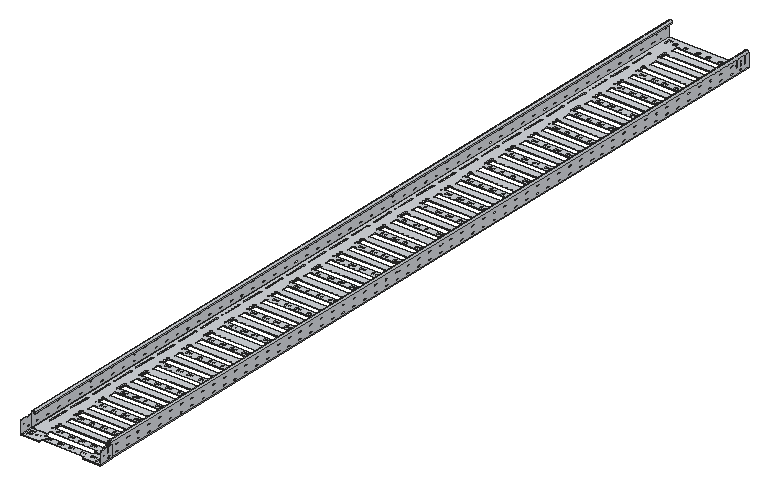
Revit family "MKSM Magic Kabelrinne 1 mm- MKSM 630 FT,FS", category Generic Models, Revit 2017 (continued)
Dimensions and locks
  Extrusion 349 sketch curve to plane 352 = 12.71 mm
  plane 352 to Extrusion 349 sketch curve = 12.71 mm
  plane 356 to Extrusion 350 sketch curve = 3.5 mm
  Extrusion 350 sketch curve to plane 356 = 3.483 mm
  Extrusion 350 sketch curve to plane 355 = 18.5 mm  (x2)
  plane 355 to Extrusion 350 sketch curve = 18.5 mm  (x2)
  Extrusion 350 sketch curve to plane 357 = 3.5 mm
  plane 357 to Extrusion 350 sketch curve = 3.5 mm
  Extrusion 350 sketch curve to plane 355 = 12.71 mm
  plane 355 to Extrusion 350 sketch curve = 12.71 mm
  plane 359 to Extrusion 351 sketch curve = 3.5 mm
  Extrusion 351 sketch curve to plane 359 = 3.483 mm
  Extrusion 351 sketch curve to plane 358 = 18.5 mm  (x2)
  plane 358 to Extrusion 351 sketch curve = 18.5 mm  (x2)
  Extrusion 351 sketch curve to plane 360 = 3.5 mm
  plane 360 to Extrusion 351 sketch curve = 3.5 mm
  Extrusion 351 sketch curve to plane 358 = 12.71 mm
  plane 358 to Extrusion 351 sketch curve = 12.71 mm
  plane 362 to Extrusion 352 sketch curve = 3.5 mm
  Extrusion 352 sketch curve to plane 362 = 3.483 mm
  Extrusion 352 sketch curve to plane 361 = 18.5 mm  (x2)
  plane 361 to Extrusion 352 sketch curve = 18.5 mm  (x2)
  Extrusion 352 sketch curve to plane 363 = 3.5 mm
  plane 363 to Extrusion 352 sketch curve = 3.5 mm
  Extrusion 352 sketch curve to plane 361 = 12.71 mm
  plane 361 to Extrusion 352 sketch curve = 12.71 mm
  plane 365 to Extrusion 353 sketch curve = 3.5 mm
  Extrusion 353 sketch curve to plane 365 = 3.483 mm
  Extrusion 353 sketch curve to plane 364 = 18.5 mm  (x2)
  plane 364 to Extrusion 353 sketch curve = 18.5 mm  (x2)
  Extrusion 353 sketch curve to plane 366 = 3.5 mm
  plane 366 to Extrusion 353 sketch curve = 3.5 mm
  Extrusion 353 sketch curve to plane 364 = 12.71 mm
  plane 364 to Extrusion 353 sketch curve = 12.71 mm
  plane 368 to Extrusion 354 sketch curve = 3.5 mm
  Extrusion 354 sketch curve to plane 368 = 3.483 mm
  Extrusion 354 sketch curve to plane 367 = 18.5 mm  (x2)
  plane 367 to Extrusion 354 sketch curve = 18.5 mm  (x2)
  Extrusion 354 sketch curve to plane 369 = 3.5 mm
  plane 369 to Extrusion 354 sketch curve = 3.5 mm
  Extrusion 354 sketch curve to plane 367 = 12.71 mm
  plane 367 to Extrusion 354 sketch curve = 12.71 mm
  plane 371 to Extrusion 355 sketch curve = 3.5 mm
  Extrusion 355 sketch curve to plane 371 = 3.483 mm
  Extrusion 355 sketch curve to plane 370 = 18.5 mm  (x2)
  plane 370 to Extrusion 355 sketch curve = 18.5 mm  (x2)
  Extrusion 355 sketch curve to plane 372 = 3.5 mm
  plane 372 to Extrusion 355 sketch curve = 3.5 mm
  Extrusion 355 sketch curve to plane 370 = 12.71 mm
  plane 370 to Extrusion 355 sketch curve = 12.71 mm
  plane 374 to Extrusion 356 sketch curve = 3.5 mm
  Extrusion 356 sketch curve to plane 374 = 3.483 mm
  Extrusion 356 sketch curve to plane 373 = 18.5 mm  (x2)
  plane 373 to Extrusion 356 sketch curve = 18.5 mm  (x2)
  Extrusion 356 sketch curve to plane 375 = 3.5 mm
  plane 375 to Extrusion 356 sketch curve = 3.5 mm
  Extrusion 356 sketch curve to plane 373 = 12.71 mm
  plane 373 to Extrusion 356 sketch curve = 12.71 mm
  plane 377 to Extrusion 357 sketch curve = 3.5 mm
  Extrusion 357 sketch curve to plane 377 = 3.483 mm
  Extrusion 357 sketch curve to plane 376 = 18.5 mm  (x2)
  plane 376 to Extrusion 357 sketch curve = 18.5 mm  (x2)
  Extrusion 357 sketch curve to plane 378 = 3.5 mm
  plane 378 to Extrusion 357 sketch curve = 3.5 mm
  Extrusion 357 sketch curve to plane 376 = 12.71 mm
  plane 376 to Extrusion 357 sketch curve = 12.71 mm
  plane 380 to Extrusion 358 sketch curve = 3.5 mm
  Extrusion 358 sketch curve to plane 380 = 3.483 mm
  Extrusion 358 sketch curve to plane 379 = 18.5 mm  (x2)
  plane 379 to Extrusion 358 sketch curve = 18.5 mm  (x2)
  Extrusion 358 sketch curve to plane 381 = 3.5 mm
  plane 381 to Extrusion 358 sketch curve = 3.5 mm
  Extrusion 358 sketch curve to plane 379 = 12.71 mm
  plane 379 to Extrusion 358 sketch curve = 12.71 mm
  plane 383 to Extrusion 359 sketch curve = 3.5 mm
  Extrusion 359 sketch curve to plane 383 = 3.483 mm
  Extrusion 359 sketch curve to plane 382 = 18.5 mm  (x2)
  plane 382 to Extrusion 359 sketch curve = 18.5 mm  (x2)
  Extrusion 359 sketch curve to plane 384 = 3.5 mm
  plane 384 to Extrusion 359 sketch curve = 3.5 mm
  Extrusion 359 sketch curve to plane 382 = 12.71 mm
  plane 382 to Extrusion 359 sketch curve = 12.71 mm
  plane 386 to Extrusion 360 sketch curve = 3.5 mm
  Extrusion 360 sketch curve to plane 386 = 3.483 mm
  Extrusion 360 sketch curve to plane 385 = 18.5 mm  (x2)
  plane 385 to Extrusion 360 sketch curve = 18.5 mm  (x2)
  Extrusion 360 sketch curve to plane 387 = 3.5 mm
  plane 387 to Extrusion 360 sketch curve = 3.5 mm
  Extrusion 360 sketch curve to plane 385 = 12.71 mm
  plane 385 to Extrusion 360 sketch curve = 12.71 mm
  plane 389 to Extrusion 361 sketch curve = 3.5 mm
  Extrusion 361 sketch curve to plane 389 = 3.483 mm
  Extrusion 361 sketch curve to plane 388 = 18.5 mm  (x2)
  plane 388 to Extrusion 361 sketch curve = 18.5 mm  (x2)
  Extrusion 361 sketch curve to plane 390 = 3.5 mm
  plane 390 to Extrusion 361 sketch curve = 3.5 mm
  Extrusion 361 sketch curve to plane 388 = 12.71 mm
  plane 388 to Extrusion 361 sketch curve = 12.71 mm
  plane 392 to Extrusion 362 sketch curve = 3.5 mm
  Extrusion 362 sketch curve to plane 392 = 3.483 mm
  Extrusion 362 sketch curve to plane 391 = 18.5 mm  (x2)
  plane 391 to Extrusion 362 sketch curve = 18.5 mm  (x2)
  Extrusion 362 sketch curve to plane 393 = 3.5 mm
  plane 393 to Extrusion 362 sketch curve = 3.5 mm
  Extrusion 362 sketch curve to plane 391 = 12.71 mm
  plane 391 to Extrusion 362 sketch curve = 12.71 mm
  plane 395 to Extrusion 363 sketch curve = 3.5 mm
  Extrusion 363 sketch curve to plane 395 = 3.483 mm
  Extrusion 363 sketch curve to plane 394 = 18.5 mm  (x2)
  plane 394 to Extrusion 363 sketch curve = 18.5 mm  (x2)
  Extrusion 363 sketch curve to plane 396 = 3.5 mm
  plane 396 to Extrusion 363 sketch curve = 3.5 mm
  Extrusion 363 sketch curve to plane 394 = 12.71 mm
  plane 394 to Extrusion 363 sketch curve = 12.71 mm
  plane 398 to Extrusion 364 sketch curve = 3.5 mm
  Extrusion 364 sketch curve to plane 398 = 3.483 mm
  Extrusion 364 sketch curve to plane 397 = 18.5 mm  (x2)
  plane 397 to Extrusion 364 sketch curve = 18.5 mm  (x2)
  Extrusion 364 sketch curve to plane 399 = 3.5 mm
  plane 399 to Extrusion 364 sketch curve = 3.5 mm
  Extrusion 364 sketch curve to plane 397 = 12.71 mm
  plane 397 to Extrusion 364 sketch curve = 12.71 mm
  plane 401 to Extrusion 365 sketch curve = 3.5 mm
  Extrusion 365 sketch curve to plane 401 = 3.483 mm
  Extrusion 365 sketch curve to plane 400 = 18.5 mm  (x2)
  plane 400 to Extrusion 365 sketch curve = 18.5 mm  (x2)
  Extrusion 365 sketch curve to plane 402 = 3.5 mm
  plane 402 to Extrusion 365 sketch curve = 3.5 mm
  Extrusion 365 sketch curve to plane 400 = 12.71 mm
  plane 400 to Extrusion 365 sketch curve = 12.71 mm
  plane 404 to Extrusion 366 sketch curve = 3.5 mm
  Extrusion 366 sketch curve to plane 404 = 3.483 mm
  Extrusion 366 sketch curve to plane 403 = 18.5 mm  (x2)
  plane 403 to Extrusion 366 sketch curve = 18.5 mm  (x2)
  Extrusion 366 sketch curve to plane 405 = 3.5 mm
  plane 405 to Extrusion 366 sketch curve = 3.5 mm
  Extrusion 366 sketch curve to plane 403 = 12.71 mm
  plane 403 to Extrusion 366 sketch curve = 12.71 mm
  plane 407 to Extrusion 367 sketch curve = 3.5 mm
  Extrusion 367 sketch curve to plane 407 = 3.483 mm
  Extrusion 367 sketch curve to plane 406 = 18.5 mm  (x2)
  plane 406 to Extrusion 367 sketch curve = 18.5 mm  (x2)
  Extrusion 367 sketch curve to plane 408 = 3.5 mm
  plane 408 to Extrusion 367 sketch curve = 3.5 mm
  Extrusion 367 sketch curve to plane 406 = 12.71 mm
  plane 406 to Extrusion 367 sketch curve = 12.71 mm
  plane 410 to Extrusion 368 sketch curve = 3.5 mm
  Extrusion 368 sketch curve to plane 410 = 3.483 mm
  Extrusion 368 sketch curve to plane 409 = 18.5 mm  (x2)
  plane 409 to Extrusion 368 sketch curve = 18.5 mm  (x2)
  Extrusion 368 sketch curve to plane 411 = 3.5 mm
  plane 411 to Extrusion 368 sketch curve = 3.5 mm
  Extrusion 368 sketch curve to plane 409 = 12.71 mm
  plane 409 to Extrusion 368 sketch curve = 12.71 mm
  plane 413 to Extrusion 369 sketch curve = 3.5 mm
  Extrusion 369 sketch curve to plane 413 = 3.483 mm
  Extrusion 369 sketch curve to plane 412 = 18.5 mm  (x2)
  plane 412 to Extrusion 369 sketch curve = 18.5 mm  (x2)
  Extrusion 369 sketch curve to plane 414 = 3.5 mm
  plane 414 to Extrusion 369 sketch curve = 3.5 mm
  Extrusion 369 sketch curve to plane 412 = 12.71 mm
  plane 412 to Extrusion 369 sketch curve = 12.71 mm
  plane 416 to Extrusion 370 sketch curve = 3.5 mm
  Extrusion 370 sketch curve to plane 416 = 3.483 mm
  Extrusion 370 sketch curve to plane 415 = 18.5 mm  (x2)
  plane 415 to Extrusion 370 sketch curve = 18.5 mm  (x2)
  Extrusion 370 sketch curve to plane 417 = 3.5 mm
  plane 417 to Extrusion 370 sketch curve = 3.5 mm
  Extrusion 370 sketch curve to plane 415 = 12.71 mm
  plane 415 to Extrusion 370 sketch curve = 12.71 mm
  plane 419 to Extrusion 371 sketch curve = 3.5 mm
  Extrusion 371 sketch curve to plane 419 = 3.483 mm
  Extrusion 371 sketch curve to plane 418 = 18.5 mm  (x2)
  plane 418 to Extrusion 371 sketch curve = 18.5 mm  (x2)
  Extrusion 371 sketch curve to plane 420 = 3.5 mm
  plane 420 to Extrusion 371 sketch curve = 3.5 mm
  Extrusion 371 sketch curve to plane 418 = 12.71 mm
  plane 418 to Extrusion 371 sketch curve = 12.71 mm
  plane 422 to Extrusion 372 sketch curve = 3.5 mm
  Extrusion 372 sketch curve to plane 422 = 3.483 mm
  Extrusion 372 sketch curve to plane 421 = 18.5 mm  (x2)
  plane 421 to Extrusion 372 sketch curve = 18.5 mm  (x2)
  Extrusion 372 sketch curve to plane 423 = 3.5 mm
  plane 423 to Extrusion 372 sketch curve = 3.5 mm
  Extrusion 372 sketch curve to plane 421 = 12.71 mm
  plane 421 to Extrusion 372 sketch curve = 12.71 mm
  plane 425 to Extrusion 373 sketch curve = 3.5 mm
  Extrusion 373 sketch curve to plane 425 = 3.483 mm
  Extrusion 373 sketch curve to plane 424 = 18.5 mm  (x2)
  plane 424 to Extrusion 373 sketch curve = 18.5 mm  (x2)
  Extrusion 373 sketch curve to plane 426 = 3.5 mm
  plane 426 to Extrusion 373 sketch curve = 3.5 mm
  Extrusion 373 sketch curve to plane 424 = 12.71 mm
  plane 424 to Extrusion 373 sketch curve = 12.71 mm
  plane 428 to Extrusion 374 sketch curve = 3.5 mm
  Extrusion 374 sketch curve to plane 428 = 3.483 mm
  Extrusion 374 sketch curve to plane 427 = 18.5 mm  (x2)
  plane 427 to Extrusion 374 sketch curve = 18.5 mm  (x2)
  Extrusion 374 sketch curve to plane 429 = 3.5 mm
  plane 429 to Extrusion 374 sketch curve = 3.5 mm
  Extrusion 374 sketch curve to plane 427 = 12.71 mm
  plane 427 to Extrusion 374 sketch curve = 12.71 mm
  equal spacing: group 289, group 347, group 348, group 349, group 350, group 351, group 352, group 353, group 354, group 355, group 356, group 357, group 358, group 359, group 360, group 361, group 362, group 363, group 364, group 365, group 366, group 367, group 368, group 369, group 370, group 371, group 372, group 373  (x3)
  locked: plane 431 to cut or joined group 1 (Extrusion 2, Extrusion 7, Extrusion 245, Extrusion 246, Extrusion 247, Extrusion 248, Extrusion 287, Extrusion 288, Extrusion 402, Extrusion 403, Extrusion 404, Extrusion 405, Extrusion 406, Extrusion 407, Extrusion 408, Extrusion 409) at 29.6
  locked: cut or joined group 1 to plane 432 at 15
  Extrusion 403 sketch curve to plane 433 = 5 mm
  plane 433 to Extrusion 403 sketch curve = 5 mm
  plane 434 to Extrusion 403 sketch curve = 2 mm
  plane 434 to Extrusion 403 sketch curve = 1.964 mm
  cut or joined group 1 to plane 435 = 28 mm
  locked: cut or joined group 1 to plane 436 at 19.25
  cut or joined group 1 to plane 437 = 30 mm
  locked: Extrusion 404 sketch curve to cut or joined group 1 at 22.25
  Extrusion 404 sketch curve to plane 438 = 2.5 mm
  plane 438 to Extrusion 404 sketch curve = 2.5 mm
  Extrusion 405 sketch curve to cut or joined group 1 = 2.978 mm
  Extrusion 406 sketch curve to Extrusion 406 sketch curve = 4 mm
  Extrusion 406 sketch curve to plane 433 = 5 mm
  plane 433 to Extrusion 406 sketch curve = 5 mm
  cut or joined group 1 to Extrusion 407 sketch curve = 19.25 mm
  Extrusion 407 sketch curve to cut or joined group 1 = 28 mm
  locked: Extrusion 407 sketch curve to plane 441 at 17
  plane 442 to cut or joined group 1 = 15 mm
  cut or joined group 1 to Extrusion 408 sketch curve = 19.25 mm
  plane 437 to cut or joined group 1 = 30 mm
  Extrusion 409 sketch curve to Extrusion 409 sketch curve = 5 mm
  angle plane 91 to Extrusion 255 sketch curve = 60.00°
  angle Extrusion 255 sketch curve to plane 91 = 60.00°
  angle Extrusion 402 sketch curve to plane 16 = 20.00°
  angle plane 437 to Extrusion 404 sketch curve = 20.00°
  angle Extrusion 404 sketch curve to plane 440 = 20.00°
  angle cut or joined group 1 to Extrusion 405 sketch curve = 20.00°
  aligned and locked: level to plane 2
  aligned and locked: plane 4 to Extrusion 1 sketch curve
  aligned and locked: plane 6 to Extrusion 1 sketch curve
  aligned and locked: Extrusion 1 to level
  aligned and locked: level to Extrusion 2
  aligned and locked: Extrusion 1 to plane 15
  aligned and locked: Extrusion 2 to plane 1 "Center (Front/Back)"
  aligned and locked: Extrusion 2 to plane 16
  aligned and locked: Extrusion 1 to Extrusion 3  (x2)
  aligned and locked: Extrusion 1 to Extrusion 4  (x2)
  aligned and locked: Extrusion 1 to Extrusion 6  (x2)
  aligned and locked: Extrusion 1 to Extrusion 5  (x2)
  aligned and locked: Extrusion 7 to Extrusion 2
  aligned and locked: Extrusion 1 to Extrusion 8  (x2)
  aligned and locked: Extrusion 1 to Extrusion 9  (x2)
  aligned and locked: Extrusion 1 to Extrusion 10  (x2)
  aligned and locked: Extrusion 1 to Extrusion 11  (x2)
  aligned and locked: Extrusion 1 to Extrusion 12  (x2)
  aligned and locked: Extrusion 1 to Extrusion 13  (x2)
  aligned and locked: Extrusion 1 to Extrusion 14  (x2)
  aligned and locked: cut or joined group of Extrusion 1, Extrusion 3, Extrusion 4, Extrusion 5, Extrusion 6, Extrusion 7, Extrusion 8, Extrusion 9, Extrusion 10, Extrusion 11, Extrusion 12, Extrusion 13, Extrusion 14, Extrusion 15, Extrusion 16, Extrusion 17, Extrusion 18, Extrusion 19, Extrusion 20, Extrusion 21, Extrusion 22, Extrusion 23, Extrusion 24, Extrusion 25, Extrusion 26, Extrusion 27, Extrusion 28, Extrusion 29, Extrusion 30, Extrusion 31, Extrusion 32, Extrusion 33, Extrusion 34, Extrusion 35, Extrusion 36, Extrusion 37, Extrusion 38, Extrusion 39, Extrusion 40, Extrusion 41, Extrusion 42, Extrusion 43, Extrusion 44, Extrusion 45, Extrusion 46, Extrusion 47, Extrusion 48, Extrusion 49, Extrusion 50, Extrusion 51, Extrusion 52, Extrusion 53, Extrusion 54, Extrusion 55, Extrusion 56, Extrusion 57, Extrusion 58, Extrusion 59, Extrusion 60, Extrusion 61, Extrusion 62, Extrusion 63, Extrusion 64, Extrusion 65, Extrusion 66, Extrusion 67, Extrusion 68, Extrusion 69, Extrusion 70, Extrusion 71, Extrusion 72, Extrusion 73, Extrusion 74, Extrusion 75, Extrusion 76, Extrusion 77, Extrusion 78, Extrusion 79, Extrusion 80, Extrusion 81, Extrusion 82, Extrusion 83, Extrusion 84, Extrusion 85, Extrusion 86, Extrusion 87, Extrusion 88, Extrusion 89, Extrusion 90, Extrusion 91, Extrusion 92, Extrusion 93, Extrusion 94, Extrusion 95, Extrusion 96, Extrusion 97, Extrusion 98, Extrusion 99, Extrusion 100, Extrusion 101, Extrusion 102, Extrusion 103, Extrusion 104, Extrusion 105, Extrusion 106, Extrusion 107, Extrusion 108, Extrusion 109, Extrusion 110, Extrusion 111, Extrusion 112, Extrusion 113, Extrusion 114, Extrusion 115, Extrusion 116, Extrusion 117, Extrusion 118, Extrusion 119, Extrusion 120, Extrusion 121, Extrusion 122, Extrusion 123, Extrusion 124, Extrusion 125, Extrusion 126, Extrusion 127, Extrusion 128, Extrusion 129, Extrusion 130, Extrusion 131, Extrusion 132, Extrusion 133, Extrusion 134, Extrusion 135, Extrusion 136, Extrusion 137, Extrusion 138, Extrusion 139, Extrusion 140, Extrusion 141, Extrusion 142, Extrusion 143, Extrusion 144, Extrusion 145, Extrusion 146, Extrusion 147, Extrusion 148, Extrusion 149, Extrusion 150, Extrusion 151, Extrusion 152, Extrusion 153, Extrusion 154, Extrusion 155, Extrusion 156, Extrusion 157, Extrusion 158, Extrusion 159, Extrusion 160, Extrusion 161, Extrusion 162, Extrusion 163, Extrusion 164, Extrusion 165, Extrusion 166, Extrusion 167, Extrusion 168, Extrusion 169, Extrusion 170, Extrusion 171, Extrusion 172, Extrusion 173, Extrusion 174, Extrusion 175, Extrusion 176, Extrusion 177, Extrusion 178, Extrusion 179, Extrusion 180, Extrusion 181, Extrusion 182, Extrusion 183, Extrusion 184, Extrusion 185, Extrusion 186, Extrusion 187, Extrusion 188, Extrusion 189, Extrusion 190, Extrusion 191, Extrusion 192, Extrusion 193, Extrusion 194, Extrusion 195, Extrusion 196, Extrusion 197, Extrusion 198, Extrusion 199, Extrusion 200, Extrusion 201, Extrusion 202, Extrusion 203, Extrusion 204, Extrusion 205, Extrusion 206, Extrusion 207, Extrusion 208, Extrusion 209, Extrusion 210, Extrusion 211, Extrusion 212, Extrusion 213, Extrusion 214, Extrusion 215, Extrusion 216, Extrusion 217, Extrusion 218, Extrusion 219, Extrusion 220, Extrusion 221, Extrusion 222, Extrusion 223, Extrusion 224, Extrusion 225, Extrusion 226, Extrusion 227, Extrusion 228, Extrusion 229, Extrusion 230, Extrusion 231, Extrusion 232, Extrusion 233, Extrusion 234, Extrusion 235, Extrusion 236, Extrusion 237, Extrusion 238, Extrusion 239, Extrusion 240, Extrusion 241, Extrusion 242, Extrusion 243, Extrusion 244, Extrusion 249, Extrusion 250, Extrusion 251, Extrusion 252, Extrusion 254, Extrusion 257, Extrusion 258, Extrusion 259, Extrusion 260, Extrusion 261, Extrusion 262, Extrusion 263, Extrusion 264, Extrusion 265, Extrusion 266, Extrusion 267, Extrusion 268, Extrusion 269, Extrusion 270, Extrusion 271, Extrusion 272, Extrusion 273, Extrusion 274, Extrusion 275, Extrusion 276, Extrusion 277, Extrusion 278, Extrusion 279, Extrusion 280, Extrusion 281, Extrusion 282, Extrusion 283, Extrusion 284, Extrusion 285, Extrusion 286, Extrusion 287, Extrusion 289, Extrusion 290, Extrusion 291, Extrusion 292, Extrusion 293, Extrusion 294, Extrusion 295, Extrusion 296, Extrusion 297, Extrusion 298, Extrusion 299, Extrusion 300, Extrusion 301, Extrusion 302, Extrusion 303, Extrusion 304, Extrusion 305, Extrusion 306, Extrusion 307, Extrusion 308, Extrusion 309, Extrusion 310, Extrusion 311, Extrusion 312, Extrusion 313, Extrusion 314, Extrusion 315, Extrusion 316, Extrusion 317, Extrusion 318, Extrusion 319, Extrusion 320, Extrusion 321, Extrusion 322, Extrusion 323, Extrusion 324, Extrusion 325, Extrusion 326, Extrusion 327, Extrusion 328, Extrusion 329, Extrusion 330, Extrusion 331, Extrusion 332, Extrusion 333, Extrusion 334, Extrusion 335, Extrusion 336, Extrusion 337, Extrusion 338, Extrusion 339, Extrusion 340, Extrusion 341, Extrusion 342, Extrusion 343, Extrusion 344, Extrusion 345, Extrusion 346, Extrusion 347, Extrusion 348, Extrusion 349, Extrusion 350, Extrusion 351, Extrusion 352, Extrusion 353, Extrusion 354, Extrusion 355, Extrusion 356, Extrusion 357, Extrusion 358, Extrusion 359, Extrusion 360, Extrusion 361, Extrusion 362, Extrusion 363, Extrusion 364, Extrusion 365, Extrusion 366, Extrusion 367, Extrusion 368, Extrusion 369, Extrusion 370, Extrusion 371, Extrusion 372, Extrusion 373, Extrusion 374, Extrusion 375, Extrusion 376, Extrusion 377, Extrusion 378, Extrusion 379, Extrusion 380, Extrusion 381, Extrusion 382, Extrusion 383, Extrusion 384, Extrusion 385, Extrusion 386, Extrusion 387, Extrusion 388, Extrusion 389, Extrusion 390, Extrusion 391, Extrusion 392, Extrusion 393, Extrusion 394, Extrusion 395, Extrusion 396, Extrusion 397, Extrusion 398, Extrusion 399, Extrusion 400, Extrusion 401 to cut or joined group of Extrusion 1, Extrusion 3, Extrusion 4, Extrusion 5, Extrusion 6, Extrusion 7, Extrusion 8, Extrusion 9, Extrusion 10, Extrusion 11, Extrusion 12, Extrusion 13, Extrusion 14, Extrusion 15, Extrusion 16, Extrusion 17, Extrusion 18, Extrusion 19, Extrusion 20, Extrusion 21, Extrusion 22, Extrusion 23, Extrusion 24, Extrusion 25, Extrusion 26, Extrusion 27, Extrusion 28, Extrusion 29, Extrusion 30, Extrusion 31, Extrusion 32, Extrusion 33, Extrusion 34, Extrusion 35, Extrusion 36, Extrusion 37, Extrusion 38, Extrusion 39, Extrusion 40, Extrusion 41, Extrusion 42, Extrusion 43, Extrusion 44, Extrusion 45, Extrusion 46, Extrusion 47, Extrusion 48, Extrusion 49, Extrusion 50, Extrusion 51, Extrusion 52, Extrusion 53, Extrusion 54, Extrusion 55, Extrusion 56, Extrusion 57, Extrusion 58, Extrusion 59, Extrusion 60, Extrusion 61, Extrusion 62, Extrusion 63, Extrusion 64, Extrusion 65, Extrusion 66, Extrusion 67, Extrusion 68, Extrusion 69, Extrusion 70, Extrusion 71, Extrusion 72, Extrusion 73, Extrusion 74, Extrusion 75, Extrusion 76, Extrusion 77, Extrusion 78, Extrusion 79, Extrusion 80, Extrusion 81, Extrusion 82, Extrusion 83, Extrusion 84, Extrusion 85, Extrusion 86, Extrusion 87, Extrusion 88, Extrusion 89, Extrusion 90, Extrusion 91, Extrusion 92, Extrusion 93, Extrusion 94, Extrusion 95, Extrusion 96, Extrusion 97, Extrusion 98, Extrusion 99, Extrusion 100, Extrusion 101, Extrusion 102, Extrusion 103, Extrusion 104, Extrusion 105, Extrusion 106, Extrusion 107, Extrusion 108, Extrusion 109, Extrusion 110, Extrusion 111, Extrusion 112, Extrusion 113, Extrusion 114, Extrusion 115, Extrusion 116, Extrusion 117, Extrusion 118, Extrusion 119, Extrusion 120, Extrusion 121, Extrusion 122, Extrusion 123, Extrusion 124, Extrusion 125, Extrusion 126, Extrusion 127, Extrusion 128, Extrusion 129, Extrusion 130, Extrusion 131, Extrusion 132, Extrusion 133, Extrusion 134, Extrusion 135, Extrusion 136, Extrusion 137, Extrusion 138, Extrusion 139, Extrusion 140, Extrusion 141, Extrusion 142, Extrusion 143, Extrusion 144, Extrusion 145, Extrusion 146, Extrusion 147, Extrusion 148, Extrusion 149, Extrusion 150, Extrusion 151, Extrusion 15
    2, Extrusion 153, Extrusion 154, Extrusion 155, Extrusion 156, Extrusion 157, Extrusion 158, Extrusion 159, Extrusion 160, Extrusion 161, Extrusion 162, Extrusion 163, Extrusion 164, Extrusion 165, Extrusion 166, Extrusion 167, Extrusion 168, Extrusion 169, Extrusion 170, Extrusion 171, Extrusion 172, Extrusion 173, Extrusion 174, Extrusion 175, Extrusion 176, Extrusion 177, Extrusion 178, Extrusion 179, Extrusion 180, Extrusion 181, Extrusion 182, Extrusion 183, Extrusion 184, Extrusion 185, Extrusion 186, Extrusion 187, Extrusion 188, Extrusion 189, Extrusion 190, Extrusion 191, Extrusion 192, Extrusion 193, Extrusion 194, Extrusion 195, Extrusion 196, Extrusion 197, Extrusion 198, Extrusion 199, Extrusion 200, Extrusion 201, Extrusion 202, Extrusion 203, Extrusion 204, Extrusion 205, Extrusion 206, Extrusion 207, Extrusion 208, Extrusion 209, Extrusion 210, Extrusion 211, Extrusion 212, Extrusion 213, Extrusion 214, Extrusion 215, Extrusion 216, Extrusion 217, Extrusion 218, Extrusion 219, Extrusion 220, Extrusion 221, Extrusion 222, Extrusion 223, Extrusion 224, Extrusion 225, Extrusion 226, Extrusion 227, Extrusion 228, Extrusion 229, Extrusion 230, Extrusion 231, Extrusion 232, Extrusion 233, Extrusion 234, Extrusion 235, Extrusion 236, Extrusion 237, Extrusion 238, Extrusion 239, Extrusion 240, Extrusion 241, Extrusion 242, Extrusion 243, Extrusion 244, Extrusion 249, Extrusion 250, Extrusion 251, Extrusion 252, Extrusion 254, Extrusion 257, Extrusion 258, Extrusion 259, Extrusion 260, Extrusion 261, Extrusion 262, Extrusion 263, Extrusion 264, Extrusion 265, Extrusion 266, Extrusion 267, Extrusion 268, Extrusion 269, Extrusion 270, Extrusion 271, Extrusion 272, Extrusion 273, Extrusion 274, Extrusion 275, Extrusion 276, Extrusion 277, Extrusion 278, Extrusion 279, Extrusion 280, Extrusion 281, Extrusion 282, Extrusion 283, Extrusion 284, Extrusion 285, Extrusion 286, Extrusion 287, Extrusion 289, Extrusion 290, Extrusion 291, Extrusion 292, Extrusion 293, Extrusion 294, Extrusion 295, Extrusion 296, Extrusion 297, Extrusion 298, Extrusion 299, Extrusion 300, Extrusion 301, Extrusion 302, Extrusion 303, Extrusion 304, Extrusion 305, Extrusion 306, Extrusion 307, Extrusion 308, Extrusion 309, Extrusion 310, Extrusion 311, Extrusion 312, Extrusion 313, Extrusion 314, Extrusion 315, Extrusion 316, Extrusion 317, Extrusion 318, Extrusion 319, Extrusion 320, Extrusion 321, Extrusion 322, Extrusion 323, Extrusion 324, Extrusion 325, Extrusion 326, Extrusion 327, Extrusion 328, Extrusion 329, Extrusion 330, Extrusion 331, Extrusion 332, Extrusion 333, Extrusion 334, Extrusion 335, Extrusion 336, Extrusion 337, Extrusion 338, Extrusion 339, Extrusion 340, Extrusion 341, Extrusion 342, Extrusion 343, Extrusion 344, Extrusion 345, Extrusion 346, Extrusion 347, Extrusion 348, Extrusion 349, Extrusion 350, Extrusion 351, Extrusion 352, Extrusion 353, Extrusion 354, Extrusion 355, Extrusion 356, Extrusion 357, Extrusion 358, Extrusion 359, Extrusion 360, Extrusion 361, Extrusion 362, Extrusion 363, Extrusion 364, Extrusion 365, Extrusion 366, Extrusion 367, Extrusion 368, Extrusion 369, Extrusion 370, Extrusion 371, Extrusion 372, Extrusion 373, Extrusion 374, Extrusion 375, Extrusion 376, Extrusion 377, Extrusion 378, Extrusion 379, Extrusion 380, Extrusion 381, Extrusion 382, Extrusion 383, Extrusion 384, Extrusion 385, Extrusion 386, Extrusion 387, Extrusion 388, Extrusion 389, Extrusion 390, Extrusion 391, Extrusion 392, Extrusion 393, Extrusion 394, Extrusion 395, Extrusion 396, Extrusion 397, Extrusion 398, Extrusion 399, Extrusion 400, Extrusion 401  (x27)
  aligned and locked: Extrusion 1 to Extrusion 129
  aligned and locked: Extrusion 1 to Extrusion 187
  aligned and locked: Extrusion 2 to Extrusion 245
  aligned and locked: level to Extrusion 245
  aligned and locked: Extrusion 2 to Extrusion 246
  aligned and locked: level to Extrusion 246
  aligned and locked: Extrusion 2 to Extrusion 247
  aligned and locked: level to Extrusion 247
  aligned and locked: Extrusion 2 to Extrusion 248
  aligned and locked: level to Extrusion 248
  aligned and locked: Extrusion 249 to level
  aligned and locked: Extrusion 1 to Extrusion 249
  aligned and locked: Extrusion 250 to level
  aligned and locked: Extrusion 1 to Extrusion 250
  aligned and locked: Extrusion 251 to level
  aligned and locked: Extrusion 1 to Extrusion 251
  aligned and locked: Extrusion 252 to level
  aligned and locked: Extrusion 1 to Extrusion 252
  aligned and locked: level to Extrusion 253  (x4)
  aligned and locked: Extrusion 254 sketch curve to Extrusion 253  (x4)
  aligned and locked: Extrusion 254 to level
  aligned and locked: level to Extrusion 255  (x4)
  aligned and locked: Extrusion 257 sketch curve to Extrusion 256  (x4)
  aligned and locked: Extrusion 257 sketch curve to Extrusion 255  (x4)
  aligned and locked: Extrusion 1 to Extrusion 257
  aligned and locked: Extrusion 2 to Extrusion 288
  aligned and locked: Extrusion 402 to Extrusion 2
  aligned and locked: Extrusion 2 to Extrusion 403
  aligned and locked: Extrusion 404 to Extrusion 2
  aligned and locked: Extrusion 405 to Extrusion 2
  aligned and locked: Extrusion 2 to Extrusion 406
  aligned and locked: Extrusion 2 to Extrusion 407
  aligned and locked: Extrusion 409 to cut or joined group 1
Automatic sketch dimensions
  Extrusion 1 sketch curve to Extrusion 1 sketch curve = 0 mm  (x5)
  Extrusion 1 sketch curve to level = 0 mm
  Extrusion 1 sketch curve to Extrusion 1 sketch curve = 1 mm  (x2)
  Extrusion 1 sketch curve to Extrusion 1 sketch curve = 0.5 mm
  Extrusion 1 sketch curve to Extrusion 1 sketch curve = 2.5 mm
  level to Extrusion 1 sketch curve = 1 mm
  Extrusion 2 sketch curve to Extrusion 2 sketch curve = 0.05 mm  (x3)
  Extrusion 2 sketch curve to Extrusion 2 sketch curve = 0.01 mm
  Extrusion 2 sketch curve to level = 0 mm
  Extrusion 2 sketch curve to Extrusion 2 sketch curve = 2.5 mm
  level to Extrusion 2 sketch curve = 2.404 mm
  Extrusion 2 sketch curve to plane 9 = 0 mm
  Extrusion 2 sketch curve to plane 3 "Center (Left/Right)" = 151.75 mm
  plane 3 "Center (Left/Right)" to Extrusion 2 sketch curve = 147.596 mm
  Extrusion 3 sketch curve to plane 15 = 39.828 mm
  Extrusion 3 sketch curve to Extrusion 3 sketch curve = 7.956 mm
  Extrusion 3 sketch curve to plane 13 = 3.506 mm
  plane 13 to Extrusion 3 sketch curve = 0.016 mm
  Extrusion 4 sketch curve to plane 19 = 4 mm
  plane 19 to Extrusion 4 sketch curve = 4 mm
  Extrusion 4 sketch curve to plane 18 = 4 mm
  plane 18 to Extrusion 4 sketch curve = 4 mm
  Extrusion 7 sketch curve to plane 15 = 39.85 mm
  Extrusion 7 sketch curve to Extrusion 7 sketch curve = 8 mm
  Extrusion 7 sketch curve to plane 13 = 3.506 mm
  Extrusion 7 sketch curve to plane 13 = 0.006 mm
  Extrusion 6 sketch curve to plane 20 = 3.5 mm
  plane 21 to Extrusion 6 sketch curve = 25.458 mm
  Extrusion 6 sketch curve to plane 23 = 0.5 mm
  Extrusion 6 sketch curve to Extrusion 6 sketch curve = 1.458 mm  (x2)
  Extrusion 6 sketch curve to Extrusion 6 sketch curve = 0.5 mm  (x3)
  Extrusion 6 sketch curve to plane 22 = 4.255 mm
  Extrusion 6 sketch curve to Extrusion 6 sketch curve = 7.5 mm
  Extrusion 5 sketch curve to plane 23 = 0 mm
  plane 23 to Extrusion 5 sketch curve = 8.25 mm
  Extrusion 5 sketch curve to plane 21 = 15 mm
  Extrusion 5 sketch curve to Extrusion 5 sketch curve = 7.5 mm  (x2)
  Extrusion 5 sketch curve to Extrusion 5 sketch curve = 0.5 mm  (x5)
  plane 22 to Extrusion 5 sketch curve = 2.995 mm
  Extrusion 5 sketch curve to plane 23 = 0.5 mm
  Extrusion 5 sketch curve to Extrusion 5 sketch curve = 1.5 mm
  Extrusion 5 sketch curve to plane 22 = 4.255 mm
  Extrusion 11 sketch curve to plane 23 = 0 mm
  Extrusion 11 sketch curve to Extrusion 11 sketch curve = 7.5 mm  (x2)
  Extrusion 11 sketch curve to Extrusion 11 sketch curve = 0.5 mm  (x5)
  Extrusion 11 sketch curve to Extrusion 11 sketch curve = 1.455 mm
  Extrusion 11 sketch curve to Extrusion 11 sketch curve = 1.5 mm
  plane 22 to Extrusion 11 sketch curve = 3.131 mm
  Extrusion 12 sketch curve to plane 23 = 0 mm
  Extrusion 12 sketch curve to Extrusion 12 sketch curve = 7.484 mm
  Extrusion 12 sketch curve to Extrusion 12 sketch curve = 7.5 mm
  Extrusion 12 sketch curve to Extrusion 12 sketch curve = 0.5 mm  (x4)
  Extrusion 12 sketch curve to Extrusion 12 sketch curve = 0.516 mm
  Extrusion 12 sketch curve to plane 23 = 0.5 mm
  Extrusion 12 sketch curve to Extrusion 12 sketch curve = 1.5 mm
  Extrusion 12 sketch curve to plane 25 = 3.486 mm
  Extrusion 12 sketch curve to plane 22 = 4.262 mm
  Extrusion 13 sketch curve to Extrusion 13 sketch curve = 13 mm
  Extrusion 13 sketch curve to Extrusion 13 sketch curve = 3.5 mm
  Extrusion 15 sketch curve to Extrusion 15 sketch curve = 13 mm
  Extrusion 15 sketch curve to Extrusion 15 sketch curve = 3.5 mm
  Extrusion 14 sketch curve to Extrusion 14 sketch curve = 13 mm
  Extrusion 14 sketch curve to Extrusion 14 sketch curve = 3.5 mm
  Extrusion 16 sketch curve to Extrusion 16 sketch curve = 13 mm
  Extrusion 16 sketch curve to Extrusion 16 sketch curve = 3.5 mm
  Extrusion 17 sketch curve to Extrusion 17 sketch curve = 13 mm
  Extrusion 17 sketch curve to Extrusion 17 sketch curve = 3.5 mm
  Extrusion 18 sketch curve to Extrusion 18 sketch curve = 13 mm
  Extrusion 18 sketch curve to Extrusion 18 sketch curve = 3.5 mm
  Extrusion 19 sketch curve to Extrusion 19 sketch curve = 13 mm
  Extrusion 19 sketch curve to Extrusion 19 sketch curve = 3.5 mm
  Extrusion 20 sketch curve to Extrusion 20 sketch curve = 13 mm
  Extrusion 20 sketch curve to Extrusion 20 sketch curve = 3.5 mm
  Extrusion 21 sketch curve to Extrusion 21 sketch curve = 13 mm
  Extrusion 21 sketch curve to Extrusion 21 sketch curve = 3.5 mm
  Extrusion 22 sketch curve to Extrusion 22 sketch curve = 13 mm
  Extrusion 22 sketch curve to Extrusion 22 sketch curve = 3.5 mm
  Extrusion 23 sketch curve to Extrusion 23 sketch curve = 13 mm
  Extrusion 23 sketch curve to Extrusion 23 sketch curve = 3.5 mm
  Extrusion 24 sketch curve to Extrusion 24 sketch curve = 13 mm
  Extrusion 24 sketch curve to Extrusion 24 sketch curve = 3.5 mm
  Extrusion 25 sketch curve to Extrusion 25 sketch curve = 13 mm
  Extrusion 25 sketch curve to Extrusion 25 sketch curve = 3.5 mm
  Extrusion 26 sketch curve to Extrusion 26 sketch curve = 13 mm
  Extrusion 26 sketch curve to Extrusion 26 sketch curve = 3.5 mm
  Extrusion 27 sketch curve to Extrusion 27 sketch curve = 13 mm
  Extrusion 27 sketch curve to Extrusion 27 sketch curve = 3.5 mm
  Extrusion 28 sketch curve to Extrusion 28 sketch curve = 13 mm
  Extrusion 28 sketch curve to Extrusion 28 sketch curve = 3.5 mm
  Extrusion 29 sketch curve to Extrusion 29 sketch curve = 13 mm
  Extrusion 29 sketch curve to Extrusion 29 sketch curve = 3.5 mm
  Extrusion 30 sketch curve to Extrusion 30 sketch curve = 13 mm
  Extrusion 30 sketch curve to Extrusion 30 sketch curve = 3.5 mm
  Extrusion 31 sketch curve to Extrusion 31 sketch curve = 13 mm
  Extrusion 31 sketch curve to Extrusion 31 sketch curve = 3.5 mm
  Extrusion 32 sketch curve to Extrusion 32 sketch curve = 13 mm
  Extrusion 32 sketch curve to Extrusion 32 sketch curve = 3.5 mm
  Extrusion 33 sketch curve to Extrusion 33 sketch curve = 13 mm
  Extrusion 33 sketch curve to Extrusion 33 sketch curve = 3.5 mm
  Extrusion 34 sketch curve to Extrusion 34 sketch curve = 13 mm
  Extrusion 34 sketch curve to Extrusion 34 sketch curve = 3.5 mm
  Extrusion 35 sketch curve to Extrusion 35 sketch curve = 13 mm
  Extrusion 35 sketch curve to Extrusion 35 sketch curve = 3.5 mm
  Extrusion 36 sketch curve to Extrusion 36 sketch curve = 13 mm
  Extrusion 36 sketch curve to Extrusion 36 sketch curve = 3.5 mm
  Extrusion 37 sketch curve to Extrusion 37 sketch curve = 13 mm
  Extrusion 37 sketch curve to Extrusion 37 sketch curve = 3.5 mm
  Extrusion 38 sketch curve to Extrusion 38 sketch curve = 13 mm
  Extrusion 38 sketch curve to Extrusion 38 sketch curve = 3.5 mm
  Extrusion 39 sketch curve to Extrusion 39 sketch curve = 13 mm
  Extrusion 39 sketch curve to Extrusion 39 sketch curve = 3.5 mm
  Extrusion 40 sketch curve to Extrusion 40 sketch curve = 13 mm
  Extrusion 40 sketch curve to Extrusion 40 sketch curve = 3.5 mm
  Extrusion 41 sketch curve to Extrusion 41 sketch curve = 13 mm
  Extrusion 41 sketch curve to Extrusion 41 sketch curve = 3.5 mm
  Extrusion 42 sketch curve to Extrusion 42 sketch curve = 13 mm
  Extrusion 42 sketch curve to Extrusion 42 sketch curve = 3.5 mm
  Extrusion 43 sketch curve to Extrusion 43 sketch curve = 13 mm
  Extrusion 43 sketch curve to Extrusion 43 sketch curve = 3.5 mm
  Extrusion 44 sketch curve to Extrusion 44 sketch curve = 13 mm
  Extrusion 44 sketch curve to Extrusion 44 sketch curve = 3.5 mm
  Extrusion 45 sketch curve to Extrusion 45 sketch curve = 13 mm
  Extrusion 45 sketch curve to Extrusion 45 sketch curve = 3.5 mm
  Extrusion 46 sketch curve to Extrusion 46 sketch curve = 13 mm
  Extrusion 46 sketch curve to Extrusion 46 sketch curve = 3.5 mm
  Extrusion 47 sketch curve to Extrusion 47 sketch curve = 13 mm
  Extrusion 47 sketch curve to Extrusion 47 sketch curve = 3.5 mm
  Extrusion 48 sketch curve to Extrusion 48 sketch curve = 13 mm
  Extrusion 48 sketch curve to Extrusion 48 sketch curve = 3.5 mm
  Extrusion 49 sketch curve to Extrusion 49 sketch curve = 13 mm
  Extrusion 49 sketch curve to Extrusion 49 sketch curve = 3.5 mm
  Extrusion 50 sketch curve to Extrusion 50 sketch curve = 13 mm
  Extrusion 50 sketch curve to Extrusion 50 sketch curve = 3.5 mm
  Extrusion 51 sketch curve to Extrusion 51 sketch curve = 13 mm
  Extrusion 51 sketch curve to Extrusion 51 sketch curve = 3.5 mm
  Extrusion 52 sketch curve to Extrusion 52 sketch curve = 13 mm
  Extrusion 52 sketch curve to Extrusion 52 sketch curve = 3.5 mm
  Extrusion 53 sketch curve to Extrusion 53 sketch curve = 13 mm
  Extrusion 53 sketch curve to Extrusion 53 sketch curve = 3.5 mm
  Extrusion 54 sketch curve to Extrusion 54 sketch curve = 13 mm
  Extrusion 54 sketch curve to Extrusion 54 sketch curve = 3.5 mm
  Extrusion 55 sketch curve to Extrusion 55 sketch curve = 13 mm
  Extrusion 55 sketch curve to Extrusion 55 sketch curve = 3.5 mm
  Extrusion 56 sketch curve to Extrusion 56 sketch curve = 13 mm
  Extrusion 56 sketch curve to Extrusion 56 sketch curve = 3.5 mm
  Extrusion 57 sketch curve to Extrusion 57 sketch curve = 13 mm
  Extrusion 57 sketch curve to Extrusion 57 sketch curve = 3.5 mm
  Extrusion 58 sketch curve to Extrusion 58 sketch curve = 13 mm
  Extrusion 58 sketch curve to Extrusion 58 sketch curve = 3.5 mm
  Extrusion 59 sketch curve to Extrusion 59 sketch curve = 13 mm
  Extrusion 59 sketch curve to Extrusion 59 sketch curve = 3.5 mm
  Extrusion 60 sketch curve to Extrusion 60 sketch curve = 13 mm
  Extrusion 60 sketch curve to Extrusion 60 sketch curve = 3.5 mm
  Extrusion 61 sketch curve to Extrusion 61 sketch curve = 13 mm
  Extrusion 61 sketch curve to Extrusion 61 sketch curve = 3.5 mm
  Extrusion 62 sketch curve to Extrusion 62 sketch curve = 13 mm
  Extrusion 62 sketch curve to Extrusion 62 sketch curve = 3.5 mm
  Extrusion 63 sketch curve to Extrusion 63 sketch curve = 13 mm
  Extrusion 63 sketch curve to Extrusion 63 sketch curve = 3.5 mm
  Extrusion 64 sketch curve to Extrusion 64 sketch curve = 13 mm
  Extrusion 64 sketch curve to Extrusion 64 sketch curve = 3.5 mm
  Extrusion 65 sketch curve to Extrusion 65 sketch curve = 13 mm
  Extrusion 65 sketch curve to Extrusion 65 sketch curve = 3.5 mm
  Extrusion 66 sketch curve to Extrusion 66 sketch curve = 13 mm
  Extrusion 66 sketch curve to Extrusion 66 sketch curve = 3.5 mm
  Extrusion 67 sketch curve to Extrusion 67 sketch curve = 13 mm
  Extrusion 67 sketch curve to Extrusion 67 sketch curve = 3.5 mm
  Extrusion 68 sketch curve to Extrusion 68 sketch curve = 13 mm
  Extrusion 68 sketch curve to Extrusion 68 sketch curve = 3.5 mm
  Extrusion 69 sketch curve to Extrusion 69 sketch curve = 13 mm
  Extrusion 69 sketch curve to Extrusion 69 sketch curve = 3.5 mm
  Extrusion 70 sketch curve to Extrusion 70 sketch curve = 13 mm
  Extrusion 70 sketch curve to Extrusion 70 sketch curve = 3.5 mm
  Extrusion 71 sketch curve to Extrusion 71 sketch curve = 13 mm
  Extrusion 71 sketch curve to Extrusion 71 sketch curve = 3.5 mm
  Extrusion 72 sketch curve to Extrusion 72 sketch curve = 13 mm
  Extrusion 72 sketch curve to Extrusion 72 sketch curve = 3.5 mm
  Extrusion 73 sketch curve to Extrusion 73 sketch curve = 13 mm
  Extrusion 73 sketch curve to Extrusion 73 sketch curve = 3.5 mm
  Extrusion 74 sketch curve to Extrusion 74 sketch curve = 13 mm
  Extrusion 74 sketch curve to Extrusion 74 sketch curve = 3.5 mm
  Extrusion 75 sketch curve to Extrusion 75 sketch curve = 13 mm
  Extrusion 75 sketch curve to Extrusion 75 sketch curve = 3.5 mm
  Extrusion 76 sketch curve to Extrusion 76 sketch curve = 13 mm
  Extrusion 76 sketch curve to Extrusion 76 sketch curve = 3.5 mm
  Extrusion 77 sketch curve to Extrusion 77 sketch curve = 13 mm
  Extrusion 77 sketch curve to Extrusion 77 sketch curve = 3.5 mm
  Extrusion 78 sketch curve to Extrusion 78 sketch curve = 13 mm
  Extrusion 78 sketch curve to Extrusion 78 sketch curve = 3.5 mm
  Extrusion 79 sketch curve to Extrusion 79 sketch curve = 13 mm
  Extrusion 79 sketch curve to Extrusion 79 sketch curve = 3.5 mm
  Extrusion 80 sketch curve to Extrusion 80 sketch curve = 13 mm
  Extrusion 80 sketch curve to Extrusion 80 sketch curve = 3.5 mm
  Extrusion 81 sketch curve to Extrusion 81 sketch curve = 13 mm
  Extrusion 81 sketch curve to Extrusion 81 sketch curve = 3.5 mm
  Extrusion 82 sketch curve to Extrusion 82 sketch curve = 13 mm
  Extrusion 82 sketch curve to Extrusion 82 sketch curve = 3.5 mm
  Extrusion 83 sketch curve to Extrusion 83 sketch curve = 13 mm
  Extrusion 83 sketch curve to Extrusion 83 sketch curve = 3.5 mm
  Extrusion 84 sketch curve to Extrusion 84 sketch curve = 13 mm
  Extrusion 84 sketch curve to Extrusion 84 sketch curve = 3.5 mm
  Extrusion 85 sketch curve to Extrusion 85 sketch curve = 13 mm
  Extrusion 85 sketch curve to Extrusion 85 sketch curve = 3.5 mm
  Extrusion 86 sketch curve to Extrusion 86 sketch curve = 13 mm
  Extrusion 86 sketch curve to Extrusion 86 sketch curve = 3.5 mm
  Extrusion 87 sketch curve to Extrusion 87 sketch curve = 13 mm
  Extrusion 87 sketch curve to Extrusion 87 sketch curve = 3.5 mm
  Extrusion 88 sketch curve to Extrusion 88 sketch curve = 13 mm
  Extrusion 88 sketch curve to Extrusion 88 sketch curve = 3.5 mm
  Extrusion 89 sketch curve to Extrusion 89 sketch curve = 13 mm
  Extrusion 89 sketch curve to Extrusion 89 sketch curve = 3.5 mm
  Extrusion 90 sketch curve to Extrusion 90 sketch curve = 13 mm
  Extrusion 90 sketch curve to Extrusion 90 sketch curve = 3.5 mm
  Extrusion 91 sketch curve to Extrusion 91 sketch curve = 13 mm
  Extrusion 91 sketch curve to Extrusion 91 sketch curve = 3.5 mm
  Extrusion 92 sketch curve to Extrusion 92 sketch curve = 13 mm
  Extrusion 92 sketch curve to Extrusion 92 sketch curve = 3.5 mm
  Extrusion 93 sketch curve to Extrusion 93 sketch curve = 13 mm
  Extrusion 93 sketch curve to Extrusion 93 sketch curve = 3.5 mm
  Extrusion 94 sketch curve to Extrusion 94 sketch curve = 13 mm
  Extrusion 94 sketch curve to Extrusion 94 sketch curve = 3.5 mm
  Extrusion 95 sketch curve to Extrusion 95 sketch curve = 13 mm
  Extrusion 95 sketch curve to Extrusion 95 sketch curve = 3.5 mm
  Extrusion 96 sketch curve to Extrusion 96 sketch curve = 13 mm
  Extrusion 96 sketch curve to Extrusion 96 sketch curve = 3.5 mm
  Extrusion 97 sketch curve to Extrusion 97 sketch curve = 13 mm
  Extrusion 97 sketch curve to Extrusion 97 sketch curve = 3.5 mm
  Extrusion 98 sketch curve to Extrusion 98 sketch curve = 13 mm
  Extrusion 98 sketch curve to Extrusion 98 sketch curve = 3.5 mm
  Extrusion 99 sketch curve to Extrusion 99 sketch curve = 13 mm
  Extrusion 99 sketch curve to Extrusion 99 sketch curve = 3.5 mm
  Extrusion 100 sketch curve to Extrusion 100 sketch curve = 13 mm
  Extrusion 100 sketch curve to Extrusion 100 sketch curve = 3.5 mm
  Extrusion 101 sketch curve to Extrusion 101 sketch curve = 13 mm
  Extrusion 101 sketch curve to Extrusion 101 sketch curve = 3.5 mm
  Extrusion 102 sketch curve to Extrusion 102 sketch curve = 13 mm
  Extrusion 102 sketch curve to Extrusion 102 sketch curve = 3.5 mm
  Extrusion 103 sketch curve to Extrusion 103 sketch curve = 13 mm
  Extrusion 103 sketch curve to Extrusion 103 sketch curve = 3.5 mm
  Extrusion 104 sketch curve to Extrusion 104 sketch curve = 13 mm
  Extrusion 104 sketch curve to Extrusion 104 sketch curve = 3.5 mm
  Extrusion 105 sketch curve to Extrusion 105 sketch curve = 13 mm
  Extrusion 105 sketch curve to Extrusion 105 sketch curve = 3.5 mm
  Extrusion 106 sketch curve to Extrusion 106 sketch curve = 13 mm
  Extrusion 106 sketch curve to Extrusion 106 sketch curve = 3.5 mm
  Extrusion 107 sketch curve to Extrusion 107 sketch curve = 13 mm
  Extrusion 107 sketch curve to Extrusion 107 sketch curve = 3.5 mm
  Extrusion 108 sketch curve to Extrusion 108 sketch curve = 13 mm
  Extrusion 108 sketch curve to Extrusion 108 sketch curve = 3.5 mm
  Extrusion 109 sketch curve to Extrusion 109 sketch curve = 13 mm
  Extrusion 109 sketch curve to Extrusion 109 sketch curve = 3.5 mm
  Extrusion 110 sketch curve to Extrusion 110 sketch curve = 13 mm
  Extrusion 110 sketch curve to Extrusion 110 sketch curve = 3.5 mm
  Extrusion 111 sketch curve to Extrusion 111 sketch curve = 13 mm
  Extrusion 111 sketch curve to Extrusion 111 sketch curve = 3.5 mm
  Extrusion 112 sketch curve to Extrusion 112 sketch curve = 13 mm
  Extrusion 112 sketch curve to Extrusion 112 sketch curve = 3.5 mm
  Extrusion 113 sketch curve to Extrusion 113 sketch curve = 13 mm
  Extrusion 113 sketch curve to Extrusion 113 sketch curve = 3.5 mm
  Extrusion 114 sketch curve to Extrusion 114 sketch curve = 13 mm
  Extrusion 114 sketch curve to Extrusion 114 sketch curve = 3.5 mm
  Extrusion 115 sketch curve to Extrusion 115 sketch curve = 13 mm
  Extrusion 115 sketch curve to Extrusion 115 sketch curve = 3.5 mm
  Extrusion 116 sketch curve to Extrusion 116 sketch curve = 13 mm
  Extrusion 116 sketch curve to Extrusion 116 sketch curve = 3.5 mm
  Extrusion 117 sketch curve to Extrusion 117 sketch curve = 13 mm
  Extrusion 117 sketch curve to Extrusion 117 sketch curve = 3.5 mm
  Extrusion 118 sketch curve to Extrusion 118 sketch curve = 13 mm
  Extrusion 118 sketch curve to Extrusion 118 sketch curve = 3.5 mm
  Extrusion 119 sketch curve to Extrusion 119 sketch curve = 13 mm
  Extrusion 119 sketch curve to Extrusion 119 sketch curve = 3.5 mm
  Extrusion 120 sketch curve to Extrusion 120 sketch curve = 13 mm
  Extrusion 120 sketch curve to Extrusion 120 sketch curve = 3.5 mm
  Extrusion 121 sketch curve to Extrusion 121 sketch curve = 13 mm
  Extrusion 121 sketch curve to Extrusion 121 sketch curve = 3.5 mm
  Extrusion 122 sketch curve to Extrusion 122 sketch curve = 13 mm
  Extrusion 122 sketch curve to Extrusion 122 sketch curve = 3.5 mm
  Extrusion 123 sketch curve to Extrusion 123 sketch curve = 13 mm
  Extrusion 123 sketch curve to Extrusion 123 sketch curve = 3.5 mm
  Extrusion 124 sketch curve to Extrusion 124 sketch curve = 13 mm
  Extrusion 124 sketch curve to Extrusion 124 sketch curve = 3.5 mm
  Extrusion 125 sketch curve to Extrusion 125 sketch curve = 13 mm
  Extrusion 125 sketch curve to Extrusion 125 sketch curve = 3.5 mm
  Extrusion 126 sketch curve to Extrusion 126 sketch curve = 13 mm
  Extrusion 126 sketch curve to Extrusion 126 sketch curve = 3.5 mm
  Extrusion 127 sketch curve to Extrusion 127 sketch curve = 13 mm
  Extrusion 127 sketch curve to Extrusion 127 sketch curve = 3.5 mm
  Extrusion 128 sketch curve to Extrusion 128 sketch curve = 13 mm
  Extrusion 128 sketch curve to Extrusion 128 sketch curve = 3.5 mm
  Extrusion 129 sketch curve to Extrusion 129 sketch curve = 13 mm
  Extrusion 129 sketch curve to Extrusion 129 sketch curve = 3.5 mm
  Extrusion 130 sketch curve to Extrusion 130 sketch curve = 13 mm
  Extrusion 130 sketch curve to Extrusion 130 sketch curve = 3.5 mm
  Extrusion 131 sketch curve to Extrusion 131 sketch curve = 13 mm
  Extrusion 131 sketch curve to Extrusion 131 sketch curve = 3.5 mm
  Extrusion 132 sketch curve to Extrusion 132 sketch curve = 13 mm
  Extrusion 132 sketch curve to Extrusion 132 sketch curve = 3.5 mm
  Extrusion 133 sketch curve to Extrusion 133 sketch curve = 13 mm
  Extrusion 133 sketch curve to Extrusion 133 sketch curve = 3.5 mm
  Extrusion 134 sketch curve to Extrusion 134 sketch curve = 13 mm
  Extrusion 134 sketch curve to Extrusion 134 sketch curve = 3.5 mm
  Extrusion 135 sketch curve to Extrusion 135 sketch curve = 13 mm
  Extrusion 135 sketch curve to Extrusion 135 sketch curve = 3.5 mm
  Extrusion 136 sketch curve to Extrusion 136 sketch curve = 13 mm
  Extrusion 136 sketch curve to Extrusion 136 sketch curve = 3.5 mm
  Extrusion 137 sketch curve to Extrusion 137 sketch curve = 13 mm
  Extrusion 137 sketch curve to Extrusion 137 sketch curve = 3.5 mm
  Extrusion 138 sketch curve to Extrusion 138 sketch curve = 13 mm
  Extrusion 138 sketch curve to Extrusion 138 sketch curve = 3.5 mm
  Extrusion 139 sketch curve to Extrusion 139 sketch curve = 13 mm
  Extrusion 139 sketch curve to Extrusion 139 sketch curve = 3.5 mm
  Extrusion 140 sketch curve to Extrusion 140 sketch curve = 13 mm
  Extrusion 140 sketch curve to Extrusion 140 sketch curve = 3.5 mm
  Extrusion 141 sketch curve to Extrusion 141 sketch curve = 13 mm
  Extrusion 141 sketch curve to Extrusion 141 sketch curve = 3.5 mm
  Extrusion 142 sketch curve to Extrusion 142 sketch curve = 13 mm
  Extrusion 142 sketch curve to Extrusion 142 sketch curve = 3.5 mm
  Extrusion 143 sketch curve to Extrusion 143 sketch curve = 13 mm
  Extrusion 143 sketch curve to Extrusion 143 sketch curve = 3.5 mm
  Extrusion 144 sketch curve to Extrusion 144 sketch curve = 13 mm
  Extrusion 144 sketch curve to Extrusion 144 sketch curve = 3.5 mm
  Extrusion 145 sketch curve to Extrusion 145 sketch curve = 13 mm
  Extrusion 145 sketch curve to Extrusion 145 sketch curve = 3.5 mm
  Extrusion 146 sketch curve to Extrusion 146 sketch curve = 13 mm
  Extrusion 146 sketch curve to Extrusion 146 sketch curve = 3.5 mm
  Extrusion 147 sketch curve to Extrusion 147 sketch curve = 13 mm
  Extrusion 147 sketch curve to Extrusion 147 sketch curve = 3.5 mm
  Extrusion 148 sketch curve to Extrusion 148 sketch curve = 13 mm
  Extrusion 148 sketch curve to Extrusion 148 sketch curve = 3.5 mm
  Extrusion 149 sketch curve to Extrusion 149 sketch curve = 13 mm
  Extrusion 149 sketch curve to Extrusion 149 sketch curve = 3.5 mm
  Extrusion 150 sketch curve to Extrusion 150 sketch curve = 13 mm
  Extrusion 150 sketch curve to Extrusion 150 sketch curve = 3.5 mm
  Extrusion 151 sketch curve to Extrusion 151 sketch curve = 13 mm
  Extrusion 151 sketch curve to Extrusion 151 sketch curve = 3.5 mm
  Extrusion 152 sketch curve to Extrusion 152 sketch curve = 13 mm
  Extrusion 152 sketch curve to Extrusion 152 sketch curve = 3.5 mm
  Extrusion 153 sketch curve to Extrusion 153 sketch curve = 13 mm
  Extrusion 153 sketch curve to Extrusion 153 sketch curve = 3.5 mm
  Extrusion 154 sketch curve to Extrusion 154 sketch curve = 13 mm
  Extrusion 154 sketch curve to Extrusion 154 sketch curve = 3.5 mm
  Extrusion 155 sketch curve to Extrusion 155 sketch curve = 13 mm
  Extrusion 155 sketch curve to Extrusion 155 sketch curve = 3.5 mm
  Extrusion 156 sketch curve to Extrusion 156 sketch curve = 13 mm
  Extrusion 156 sketch curve to Extrusion 156 sketch curve = 3.5 mm
  Extrusion 157 sketch curve to Extrusion 157 sketch curve = 13 mm
  Extrusion 157 sketch curve to Extrusion 157 sketch curve = 3.5 mm
  Extrusion 158 sketch curve to Extrusion 158 sketch curve = 13 mm
  Extrusion 158 sketch curve to Extrusion 158 sketch curve = 3.5 mm
  Extrusion 159 sketch curve to Extrusion 159 sketch curve = 13 mm
  Extrusion 159 sketch curve to Extrusion 159 sketch curve = 3.5 mm
  Extrusion 160 sketch curve to Extrusion 160 sketch curve = 13 mm
  Extrusion 160 sketch curve to Extrusion 160 sketch curve = 3.5 mm
  Extrusion 161 sketch curve to Extrusion 161 sketch curve = 13 mm
  Extrusion 161 sketch curve to Extrusion 161 sketch curve = 3.5 mm
  Extrusion 162 sketch curve to Extrusion 162 sketch curve = 13 mm
  Extrusion 162 sketch curve to Extrusion 162 sketch curve = 3.5 mm
  Extrusion 163 sketch curve to Extrusion 163 sketch curve = 13 mm
  Extrusion 163 sketch curve to Extrusion 163 sketch curve = 3.5 mm
  Extrusion 164 sketch curve to Extrusion 164 sketch curve = 13 mm
  Extrusion 164 sketch curve to Extrusion 164 sketch curve = 3.5 mm
  Extrusion 165 sketch curve to Extrusion 165 sketch curve = 13 mm
  Extrusion 165 sketch curve to Extrusion 165 sketch curve = 3.5 mm
  Extrusion 166 sketch curve to Extrusion 166 sketch curve = 13 mm
  Extrusion 166 sketch curve to Extrusion 166 sketch curve = 3.5 mm
  Extrusion 167 sketch curve to Extrusion 167 sketch curve = 13 mm
  Extrusion 167 sketch curve to Extrusion 167 sketch curve = 3.5 mm
  Extrusion 168 sketch curve to Extrusion 168 sketch curve = 13 mm
  Extrusion 168 sketch curve to Extrusion 168 sketch curve = 3.5 mm
  Extrusion 169 sketch curve to Extrusion 169 sketch curve = 13 mm
  Extrusion 169 sketch curve to Extrusion 169 sketch curve = 3.5 mm
  Extrusion 170 sketch curve to Extrusion 170 sketch curve = 13 mm
  Extrusion 170 sketch curve to Extrusion 170 sketch curve = 3.5 mm
  Extrusion 171 sketch curve to Extrusion 171 sketch curve = 13 mm
  Extrusion 171 sketch curve to Extrusion 171 sketch curve = 3.5 mm
  Extrusion 172 sketch curve to Extrusion 172 sketch curve = 13 mm
  Extrusion 172 sketch curve to Extrusion 172 sketch curve = 3.5 mm
  Extrusion 173 sketch curve to Extrusion 173 sketch curve = 13 mm
  Extrusion 173 sketch curve to Extrusion 173 sketch curve = 3.5 mm
  Extrusion 174 sketch curve to Extrusion 174 sketch curve = 13 mm
  Extrusion 174 sketch curve to Extrusion 174 sketch curve = 3.5 mm
  Extrusion 175 sketch curve to Extrusion 175 sketch curve = 13 mm
  Extrusion 175 sketch curve to Extrusion 175 sketch curve = 3.5 mm
  Extrusion 176 sketch curve to Extrusion 176 sketch curve = 13 mm
  Extrusion 176 sketch curve to Extrusion 176 sketch curve = 3.5 mm
  Extrusion 177 sketch curve to Extrusion 177 sketch curve = 13 mm
  Extrusion 177 sketch curve to Extrusion 177 sketch curve = 3.5 mm
  Extrusion 178 sketch curve to Extrusion 178 sketch curve = 13 mm
  Extrusion 178 sketch curve to Extrusion 178 sketch curve = 3.5 mm
  Extrusion 179 sketch curve to Extrusion 179 sketch curve = 13 mm
  Extrusion 179 sketch curve to Extrusion 179 sketch curve = 3.5 mm
  Extrusion 180 sketch curve to Extrusion 180 sketch curve = 13 mm
  Extrusion 180 sketch curve to Extrusion 180 sketch curve = 3.5 mm
  Extrusion 181 sketch curve to Extrusion 181 sketch curve = 13 mm
  Extrusion 181 sketch curve to Extrusion 181 sketch curve = 3.5 mm
  Extrusion 182 sketch curve to Extrusion 182 sketch curve = 13 mm
  Extrusion 182 sketch curve to Extrusion 182 sketch curve = 3.5 mm
  Extrusion 183 sketch curve to Extrusion 183 sketch curve = 13 mm
  Extrusion 183 sketch curve to Extrusion 183 sketch curve = 3.5 mm
  Extrusion 184 sketch curve to Extrusion 184 sketch curve = 13 mm
